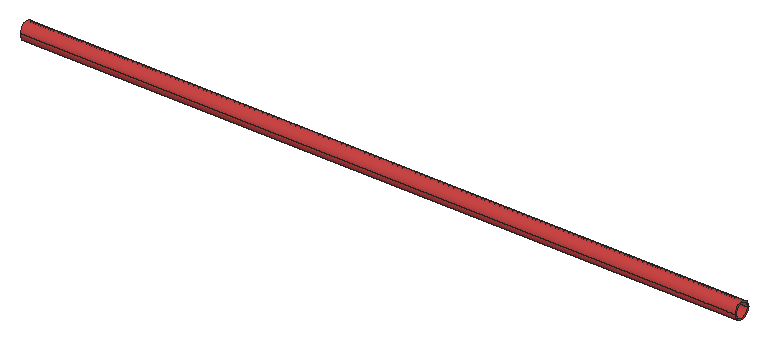
Revit family "Horizontal_Tube", category Structural Stiffeners, Revit 2020
Family settings
  Work Plane-Based = No
  Always vertical = Yes
  Cut with Voids When Loaded = No
  Shared = No
Parameters
  Horizontal_Tube_Material = Aluminum- Red
  L [instance] = 2120 mm
  Default Elevation = 0 mm
Reference planes
  plane 1 "Center (Front/Back)": y = 0
  plane 2: z = 0
  plane 3 "Center (Left/Right)": x = 0
  plane 4: x = 1060
  plane 5: x = -1060
Forms (mm)
  Sweep 1, solid, material "Aluminum- Red" <- "Horizontal_Tube_Material"
    path origin (0, 0, 0) x (1, 0, 0) y (0, 1, 0)
      loop
        line (-1060, 0) -> (1060, 0)
    profile "Cup-Lock_Vertical-Ledgers_Profile : Cup-Lock_Vertical-Ledgers_Profile" origin (0, 0, 0) x (0, 1, 0) y (0, 0, 1)
      loop
        circle (0, 0) r 24
      loop
        circle (0, 0) r 21
Lines and regions (mm)
  symbolic lines, style "StructuralStiffenerHiddenLines"
    curve 1: line (-1030, -21, 0) -> (1030, -21, 0)
    curve 2: line (-1030, 21, 0) -> (1030, 21, 0)
Dimensions and locks
  equal spacing: plane 5, plane 3 "Center (Left/Right)", plane 4
  "L": plane 5 to plane 4
  aligned and locked: level to plane 2
  aligned and locked: plane 1 "Center (Front/Back)" to Sweep 1 sketch curve
  aligned and locked: plane 5 to Sweep 1 sketch curve
  aligned and locked: plane 4 to Sweep 1 sketch curve
Automatic sketch dimensions
  plane 1 "Center (Front/Back)" to curve 1 = 21 mm
  curve 2 to plane 1 "Center (Front/Back)" = 21 mm
  curve 2 to plane 4 = 30 mm
  curve 1 to plane 4 = 30 mm
  curve 1 to plane 5 = 30 mm
  curve 2 to plane 5 = 30 mm
